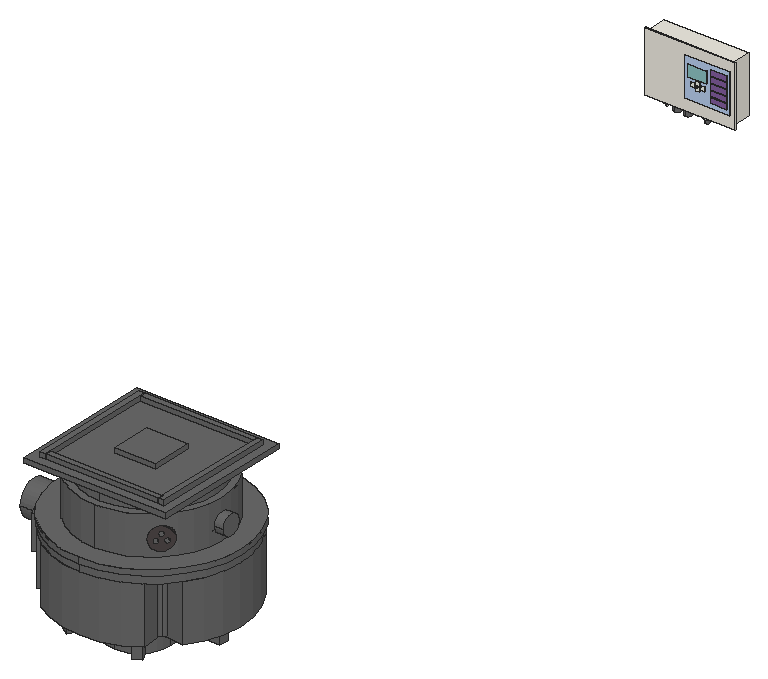
Revit family "28704s", category Generic Models, Revit 2021
Family settings
  Can host rebar = No
  Round Connector Dimension = Use Diameter
  Part Type = Normal
  Work Plane-Based = No
  Always vertical = Yes
  Cut with Voids When Loaded = No
  Shared = Yes
  Room Calculation Point = No
Parameters (values of type "28704S")
  SUPPLIER = "KESSEL"
  SA700ID50 = "nein"
  SA700ID49 = "Protection Class I"
  SA700ID48 = "no"
  SA700ID47 = "no"
  SA700ID46 = "yes"
  SA700ID37 = 10000 mm
  SA700ID34 = 11.5
  SA700ID33 = 1.2 W
  SA700ID32 = 42.50 kg
  SA700ID31 = 1
  SA700ID30 = 2
  SA700ID29 = "RWDR"
  SA700ID21 = 1000
  SA700ID10 = "No"
  SA700ID08 = 230 V
  PROCUREWEBLINK = "https://p.caden.as/kessel/28704S"
  PROCURELINK = "p.caden.as/kessel/28704S"
  PROCUREDATALASTUPDATE = "2024-05-22T12:17:59.597909168+01:00"
  PRC_SPECIFICATIONLINK = "https://ausschreiben.de/catalog/kessel/catalogItem/2ff8a3fa-3ddf-492e-b3ae-5d3411241813"
  NN = "Lifting station Aqualift F Compact Art.-Nr. 28701S, Art.-Nr. 28704S"
  NBSYN = "$SA810ID03."
  NB = "28704S"
  Model = "28704S"
  Manufacturer = "KESSEL"
  MIdent = "{$CADENAS_DATA/23d-libs/kessel/kessel_vdi_import/4/entwaesserung/hebeanlage20aqualift20f20compact_.prj},240 {STYP=ASS},{VTYP=3D},{NB=28704S},{LINA=28704S},{NN=Lifting station Aqualift F Compact Art.-Nr. 28701S, Art.-Nr. 28704S},{DATE=21.11.2022 10:46:02},{GEOMDATE=21.11.2022 10:37:44},{VERSION=},{LINEID=30},{WBVAR=LODLEVEL},{WBNUMERIC=LODLEVEL}  {NB=28704S},{LINA=28704S},{KT=DUMMY},{PREVIEW=../../bilder/ksb_w_28704s.png},{SA700ID04=Hebeanlage Aqualift F Compact, Duo, SPZ 1000-S3, Bodenplatte, schwarz},{SA810ID06=04026092073070},{SA700ID34=11.50},{SA010ID03=201805},{SA810ID03=28704S},{SA810ID10=KESSEL-Abwasserstation Aqualift F compactDoppelhebeanlage für fäkalienhaltiges und fäkalienfreies Abwasser zumEinbau in die Bodenplatte. Aus Kunststoff, mit teleskopischemAufsatzstück für stufenlosen Höhen- und Niveauausgleich und integriertemBodenablauf mit Geruchsverschluss. Dichtungsflansch fürFeuchtigkeitsabdichtung, einem seitlichen Zulauf DN 100,Anschlussbohrung mit Dichtung DN 50 für Kabelleerrohr und DN 70 fürEntlüftungsleitung.Zwei Fäkalienpumpen mit Schneideinrichtung gemäß DIN EN 12050, mitDrucksensor, optischer Alarmsonde und integrierter Rückschlagklappesowie Einhandschnellverschlüssen zur werkzeugfreien Wartung.Mit Comfort Schaltgerät zur Wandmontage in trockenen, frostgeschütztenRäumen, spritzwassergeschützt, vollautomatischer Pumpenansteuerung mitoptischer und akustischer Alarmmeldung, detaillierte Betriebs- undStörungsanzeige im mehrzeiligem Display.  Potentialfreier Kontakt zurWeiterleitungeiner Sammelstör bzw.-alarmmeldung nachrüstbar.Einbauart: Einbau in die BodenplatteEinbautiefe: 460 mm bis 640 mmAbdeckplatte:  400 x 400 mm schwarzBauaufsichtliche Zulassung Z 53.2-484},{SA700ID37=10.00},{SA700ID33=1.20},{SA700ID08=230},{SA700ID30=2},{SA700ID32=42.50},{SA700ID49=Schutzklasse I},{SA700ID50=nein},{SA200ID03=6},{SA250ID03=vertikal},{SA260ID03=Trockenläuferpumpe},{SA350ID03=normalansaugend},{SA400ID03=E-Motor für Wechselstrom},{SA460ID03=direkt},{SA500ID03=Kunststoff, Edelstahl},{SA700ID06=32},{SA700ID07=100},{SA700ID09=1/N/PE 230V},{SA700ID10=Nein},{SA700ID11=50},{SA700ID12=IP 68},{SA700ID13=F},{SA700ID15=35},{SA700ID21=1000.00},{SA700ID22=0.69},{SA700ID23=2800},{SA700ID24=2800},{SA700ID26=5.20},{SA700ID27=14.90},{SA700ID28=durchgehend},{SA700ID29=RWDR},{SA700ID31=1},{SA700ID46=ja},{SA700ID47=nein},{SA700ID48=nein},{SA110ID04=Hebeanlage Aqualift F Compact},{SA300ID03=einstufig},{SA700ID44=10.00},{SA700ID45=10.00},{SA010ID04=KESSEL AG},{LODLEVEL=200},{LINK=https://www.kessel.de/info?han=28704S},{SA970ID01=970},{SA970ID02=7265},{SA970ID03=28704S},{SA970ID04=11002617},{SA970ID05=QUAD},{SA970ID06=-380.0100098},{SA970ID07=-295},{SA970ID08=-207},{SA970ID09=1},{SA970ID10=0},{SA970ID11=0},{SA970ID12=0},{SA970ID13=1},{SA970ID14=0},{SA970ID15=675},{SA970ID16=589.98999},{SA970ID17=490},{LODLEVEL_=200,'Low'},{LODLEVEL_DEU=200,'Low'},{LINK_=https://www.kessel.de/info?han=28704S},{LINK_DEU=https://www.kessel.de/info?han=28704S},{LODLEVEL_3DB=28704S_200},{DNIN1=100},{DNOUT1=32},{DNOUT2=50},{ISD1=80},{ISD2=38},{ISD3=MIN},{SA010ID01=010},{SA010ID02=4},{SA010ID06=www.kessel.de},{SA010ID07=www.kessel.de},{SA010ID12=20180713},{SA010ID13=DEU},{SA010ID14=DE},{SA100ID01=100},{SA100ID02=4},{SA100ID04=Entwässerung},{SA110ID01=110},{SA110ID02=5},{SA200ID01=200},{SA200ID02=6},{SA250ID01=250},{SA250ID02=2},{SA260ID01=260},{SA260ID02=2},{SA300ID01=300},{SA300ID02=1},{SA350ID01=350},{SA350ID02=1},{SA400ID01=400},{SA400ID02=1},{SA460ID01=460},{SA460ID02=1},{SA500ID01=500},{SA500ID02=1},{SA700ID01=700},{SA700ID02=34},{SA700ID10_=0},{SA700ID16=0},{SA700ID25=0},{SA700ID46_=1},{SA700ID47_=0},{SA700ID48_=0},{SA700ID49_=1},{SA700ID50_=0},{SA800ID01=800},{SA800ID02=4},{SA810ID01=810},{SA810ID02=34},{SA810ID04=28704S},{SA810ID07=34},{SA810ID09=1},{SA810ID14=PCE},{SA810ID15=1},{SA810ID16=NMP},{SA960ID03=34},{SA960ID04=3L},{SA960ID08=https://www.kessel.de/info?han=28704S},{SA010ID08=4026092000007},{SA100ID05=Hebeanlage},{SA110ID06=Hebeanlage}"
  LINK = "https://www.kessel.de/info?han=28704S"
  LINA = "28704S"
  Default Elevation = 0 mm
  CREATOR = "CADENAS GmbH"
  CATALOG = "KESSEL"
  BOMINFO = "LINA"
  ARTICLENO = "NB"
  4.810.00.9 Order quantity (multiplicator) = "1"
  4.810.00.7 Media- connection number = "34"
  4.810.00.6 GTIN number = "04026092073070"
  4.810.00.4 DATANORM number = "28704S"
  4.810.00.3 Producer order number = "28704S"
  4.710.03.7 Mass (net) = 42.50 kg
  4.710.03.5 Width = 590 mm
  4.710.03.4 Length = 670 mm
  4.710.03.3 Type of dimensions = "2"
  4.710.02.8 Area of application of wastewater pump = "1"
  4.710.02.7 Art des S2/S3-Betriebs = "50 %"
  4.710.02.6 Duty type = "S3"
  4.710.02.5 Cutting device = "1"
  4.710.02.4 Attached pump control = "1"
  4.710.01.5 Load regulation = "1"
  4.710.01.4 Designation of closed-loop control = "20"
  4.710.01.3 Identifier for closed-loop control = "40"
  4.700.00.9 Voltage = 0
  4.700.00.8 Nominal connection size on suction side = "100"
  4.700.00.7 Nominal connection size on pressure side = "100"
  4.700.00.6 Type of connection = "32"
  4.700.00.4 Product indentification = "Hebeanlage Aqualift F Compact, Duo, SPZ 1000-S3, Bodenplatte, schwarz"
  4.700.00.28 Motor pump shaft = "durchgehend"
  4.700.00.27 Starting current = 14.9
  4.700.00.26 Maximum power consumption per pump / drive = 5.2
  4.700.00.25 Minimum speed at internal speed adjustment = 0
  4.700.00.24 Nominal speed / maximum speed n = 46.6667
  4.700.00.23 Nominal speed of motor = 46.6667
  4.700.00.22 Maximum shaft output (P2) per pump/drive = 0.69 W
  4.700.00.16 Maximum temperature of pumped medium = 0 °C
  4.700.00.15 Increased safety class = "35 °C"
  4.700.00.13 Type of protection = "F"
  4.700.00.12 Frequency = 0
  4.700.00.11 Stern-/Dreieck-Anlaufschaltung bei Dreiphasenanschluss oder Drehstrom = "50 Hz"
  4.700.00.10 Phase = "0"
  4.500.00.3 Variant / Variant type / Accessories-name = "Kunststoff, Edelstahl"
  4.460.00.3 Variant / Variant type / Accessories-name = "direkt"
  4.400.00.3 Variant / Variant type / Accessories-name = "E-Motor für Wechselstrom"
  4.350.00.3 Variant / Variant type / Accessories-name = "normalansaugend"
  4.300.00.3 Variant / Variant type / Accessories-name = "einstufig"
  4.260.00.3 Variant / Variant type / Accessories-name = "Trockenläuferpumpe"
  4.250.00.3 Variant / Variant type / Accessories-name = "vertikal"
  4.200.00.3 Variant / Variant type / Accessories-name = "6"
  4.110.00.6 Product classification = "Hebeanlage"
  4.110.00.4 Product indentification = "Hebeanlage Aqualift F Compact"
  4.100.00.5 Main groups of wares = "Hebeanlage"
  4.100.00.4 Product indentification = "Entwässerung"
  4.010.00.8 Producer ID number = "4026092000007"
  4.010.00.7 Comment = "www.kessel.de"
  4.010.00.6 Web address of the manufacturer = "www.kessel.de"
  4.010.00.4 Manufacturer name = "KESSEL AG"
  4.010.00.3 Date of issuance (month) of guideline = "201805"
  4.010.00.2 Sheet number of the guideline = "4"
  4.010.00.14 Kennungen der Projektländer, für die die Datei gültig ist = "DE"
  4.010.00.13 Sprache der Datei = "DEU"
  4.010.00.12 Stand des Herstellerkatalogs = "20180713"
Reference planes
  plane 1 "Center (Front/Back)": y = 0
  plane 2: z = 0
  plane 3 "Center (Left/Right)": x = 0
Dimensions and locks
  aligned and locked: level to plane 2
Nested families
  nested 1: "28704s_content" at (0, 0, 0), type "28704S_Content"
  nested 2: "28704s_part1_X0Y0" at (1000, 1000, 1200), type "28704S_PART1_X0Y0"
  nested 3: "28704s_part2_X0Y0" at (0, 0, 0), type "28704S_PART2_X0Y0"
Connectors
  electrical at (896, 972.5, 1160.5)
    settings: on nested 2, index 1, voltage 230 V, apparent load 0 VA, apparent load phase1 0 VA, apparent load phase2 0 VA, apparent load phase3 0 VA, power factor 1, load classification "Other", number of poles 3, system type 31, power factor state 1, is connector primary yes, connector utility no, sub classification motor no, connector description ""
  electrical at (930, 972.5, 1157.9)
    settings: on nested 2, index 2, voltage 0 V, apparent load 0 VA, apparent load phase1 0 VA, apparent load phase2 0 VA, apparent load phase3 0 VA, power factor 1, load classification "Other", number of poles 1, system type 31, power factor state 1, is connector primary no, connector utility no, sub classification motor no, connector description ""
  electrical at (964, 972.5, 1157.9)
    settings: on nested 2, index 3, voltage 0 V, apparent load 0 VA, apparent load phase1 0 VA, apparent load phase2 0 VA, apparent load phase3 0 VA, power factor 1, load classification "Other", number of poles 1, system type 31, power factor state 1, is connector primary no, connector utility no, sub classification motor no, connector description ""
  electrical at (1002, 972.5, 1170.2)
    settings: on nested 2, index 4, voltage 0 V, apparent load 0 VA, apparent load phase1 0 VA, apparent load phase2 0 VA, apparent load phase3 0 VA, power factor 1, load classification "Other", number of poles 1, system type 31, power factor state 1, is connector primary no, connector utility no, sub classification motor no, connector description ""
  electrical at (1026, 972.5, 1155.55)
    settings: on nested 2, index 5, voltage 0 V, apparent load 0 VA, apparent load phase1 0 VA, apparent load phase2 0 VA, apparent load phase3 0 VA, power factor 1, load classification "Other", number of poles 1, system type 31, power factor state 1, is connector primary no, connector utility no, sub classification motor no, connector description ""
  electrical at (1054, 972.5, 1198.5)
    settings: on nested 2, index 6, voltage 0 V, apparent load 0 VA, apparent load phase1 0 VA, apparent load phase2 0 VA, apparent load phase3 0 VA, power factor 1, load classification "Other", number of poles 1, system type 31, power factor state 1, is connector primary no, connector utility no, sub classification motor no, connector description ""
  electrical at (1082, 972.5, 1198.5)
    settings: on nested 2, index 7, voltage 0 V, apparent load 0 VA, apparent load phase1 0 VA, apparent load phase2 0 VA, apparent load phase3 0 VA, power factor 1, load classification "Other", number of poles 1, system type 31, power factor state 1, is connector primary no, connector utility no, sub classification motor no, connector description ""
  piping at (-380, 0, 0), diameter 100
    settings: on nested 3, index 8, connector inside diameter 609.6 mm, connector length 0 mm, flow factor 0, pipe flow 0.0 L/s, pressure drop 0.0 Pa, fitting loss kfactor 0, connector angle 0.00°, fixture units 0, engagement length 0 mm, angle of deflection 0.00°, flow configuration 0, flow direction 1, fitting loss method 2, system type 29, joint type 0, gender type 0, connector reference index -1, connector utility 0, adjustable connector no, is connector primary yes, connector description ""
  piping at (-281.018, 118.476, 15.5), diameter 32
    settings: on nested 3, index 9, connector inside diameter 609.6 mm, connector length 0 mm, flow factor 0, pipe flow 0.0 L/s, pressure drop 0.0 Pa, fitting loss kfactor 0, connector angle 0.00°, fixture units 0, engagement length 0 mm, angle of deflection 0.00°, flow configuration 0, flow direction 2, fitting loss method 2, system type 29, joint type 0, gender type 0, connector reference index -1, connector utility 0, adjustable connector no, is connector primary no, connector description ""
  piping at (259.1, 0, 144), diameter 50
    settings: on nested 3, index 10, connector inside diameter 609.6 mm, connector length 0 mm, flow factor 0, pipe flow 0.0 L/s, pressure drop 0.0 Pa, fitting loss kfactor 0, connector angle 0.00°, fixture units 0, engagement length 0 mm, angle of deflection 0.00°, flow configuration 0, flow direction 2, fitting loss method 2, system type 29, joint type 0, gender type 0, connector reference index -1, connector utility 0, adjustable connector no, is connector primary no, connector description ""
  electrical at (167.231, -167.231, 159)
    settings: on nested 3, index 11, voltage 0 V, apparent load 0 VA, apparent load phase1 0 VA, apparent load phase2 0 VA, apparent load phase3 0 VA, power factor 1, load classification "Other", number of poles 1, system type 31, power factor state 1, is connector primary no, connector utility no, sub classification motor no, connector description ""
  electrical at (177.837, -156.624, 139)
    settings: on nested 3, index 12, voltage 0 V, apparent load 0 VA, apparent load phase1 0 VA, apparent load phase2 0 VA, apparent load phase3 0 VA, power factor 1, load classification "Other", number of poles 1, system type 31, power factor state 1, is connector primary no, connector utility no, sub classification motor no, connector description ""
  electrical at (156.624, -177.837, 139)
    settings: on nested 3, index 13, voltage 0 V, apparent load 0 VA, apparent load phase1 0 VA, apparent load phase2 0 VA, apparent load phase3 0 VA, power factor 1, load classification "Other", number of poles 1, system type 31, power factor state 1, is connector primary no, connector utility no, sub classification motor no, connector description ""
Definition of nested family "28704s_part1_X0Y0"
  Parameters (values of type "28704S_PART1_X0Y0")
    SUPPLIER = "KESSEL"
    SA700ID50 = "nein"
    SA700ID49 = "Protection Class I"
    SA700ID48 = "no"
    SA700ID47 = "no"
    SA700ID46 = "yes"
    SA700ID37 = 10000 mm
    SA700ID34 = 11.5
    SA700ID33 = 1.2 W
    SA700ID32 = 42.50 kg
    SA700ID31 = 1
    SA700ID30 = 2
    SA700ID29 = "RWDR"
    SA700ID21 = 1000
    SA700ID10 = "No"
    SA700ID08 = 230 V
    NBSYN = "$SA810ID03._PART1"
    NB = "28704S_PART1"
    Model = "28704S_PART1"
    Manufacturer = "KESSEL"
    MIdent = "{$CADENAS_DATA/23d-libs/kessel/kessel_vdi_import/4/entwaesserung/hebeanlage20aqualift20f20compact_.prj},260 {VTYP=3D},{NB=28704S_PART1},{LINA=28704S_PART1},{NN=Lifting station Aqualift F Compact Art.-Nr. 28701S, Art.-Nr. 28704S_PART1},{NOPRJ=TRUE},{DATE=21.11.2022 10:46:02},{GEOMDATE=21.11.2022 10:37:44},{VERSION=},{LINEID=30},{WBVAR=LODLEVEL},{WBNUMERIC=LODLEVEL}  {NB=28704S_PART1},{LINA=28704S_PART1},{KT=DUMMY},{PREVIEW=../../bilder/ksb_w_28704s.png},{SA700ID04=Hebeanlage Aqualift F Compact, Duo, SPZ 1000-S3, Bodenplatte, schwarz},{SA810ID06=04026092073070},{SA700ID34=11.50},{SA010ID03=201805},{SA810ID03=28704S},{SA810ID10=KESSEL-Abwasserstation Aqualift F compactDoppelhebeanlage für fäkalienhaltiges und fäkalienfreies Abwasser zumEinbau in die Bodenplatte. Aus Kunststoff, mit teleskopischemAufsatzstück für stufenlosen Höhen- und Niveauausgleich und integriertemBodenablauf mit Geruchsverschluss. Dichtungsflansch fürFeuchtigkeitsabdichtung, einem seitlichen Zulauf DN 100,Anschlussbohrung mit Dichtung DN 50 für Kabelleerrohr und DN 70 fürEntlüftungsleitung.Zwei Fäkalienpumpen mit Schneideinrichtung gemäß DIN EN 12050, mitDrucksensor, optischer Alarmsonde und integrierter Rückschlagklappesowie Einhandschnellverschlüssen zur werkzeugfreien Wartung.Mit Comfort Schaltgerät zur Wandmontage in trockenen, frostgeschütztenRäumen, spritzwassergeschützt, vollautomatischer Pumpenansteuerung mitoptischer und akustischer Alarmmeldung, detaillierte Betriebs- undStörungsanzeige im mehrzeiligem Display.  Potentialfreier Kontakt zurWeiterleitungeiner Sammelstör bzw.-alarmmeldung nachrüstbar.Einbauart: Einbau in die BodenplatteEinbautiefe: 460 mm bis 640 mmAbdeckplatte:  400 x 400 mm schwarzBauaufsichtliche Zulassung Z 53.2-484},{SA700ID37=10.00},{SA700ID33=1.20},{SA700ID08=230},{SA700ID30=2},{SA700ID32=42.50},{SA700ID49=Schutzklasse I},{SA700ID50=nein},{SA200ID03=6},{SA250ID03=vertikal},{SA260ID03=Trockenläuferpumpe},{SA350ID03=normalansaugend},{SA400ID03=E-Motor für Wechselstrom},{SA460ID03=direkt},{SA500ID03=Kunststoff, Edelstahl},{SA700ID06=32},{SA700ID07=100},{SA700ID09=1/N/PE 230V},{SA700ID10=Nein},{SA700ID11=50},{SA700ID12=IP 68},{SA700ID13=F},{SA700ID15=35},{SA700ID21=1000.00},{SA700ID22=0.69},{SA700ID23=2800},{SA700ID24=2800},{SA700ID26=5.20},{SA700ID27=14.90},{SA700ID28=durchgehend},{SA700ID29=RWDR},{SA700ID31=1},{SA700ID46=ja},{SA700ID47=nein},{SA700ID48=nein},{SA110ID04=Hebeanlage Aqualift F Compact},{SA300ID03=einstufig},{SA700ID44=10.00},{SA700ID45=10.00},{SA010ID04=KESSEL AG},{LODLEVEL=200},{LINK=https://www.kessel.de/info?han=28704S},{SA970ID01=970},{SA970ID02=7265},{SA970ID03=28704S},{SA970ID04=11002617},{SA970ID05=QUAD},{SA970ID06=-380.0100098},{SA970ID07=-295},{SA970ID08=-207},{SA970ID09=1},{SA970ID10=0},{SA970ID11=0},{SA970ID12=0},{SA970ID13=1},{SA970ID14=0},{SA970ID15=675},{SA970ID16=589.98999},{SA970ID17=490},{LODLEVEL_=200,'Low'},{LODLEVEL_DEU=200,'Low'},{LINK_=https://www.kessel.de/info?han=28704S},{LINK_DEU=https://www.kessel.de/info?han=28704S},{LODLEVEL_3DB=28704S_200},{DNIN1=100},{DNOUT1=32},{DNOUT2=50},{ISD1=80},{ISD2=38},{ISD3=MIN},{SA010ID01=010},{SA010ID02=4},{SA010ID06=www.kessel.de},{SA010ID07=www.kessel.de},{SA010ID12=20180713},{SA010ID13=DEU},{SA010ID14=DE},{SA100ID01=100},{SA100ID02=4},{SA100ID04=Entwässerung},{SA110ID01=110},{SA110ID02=5},{SA200ID01=200},{SA200ID02=6},{SA250ID01=250},{SA250ID02=2},{SA260ID01=260},{SA260ID02=2},{SA300ID01=300},{SA300ID02=1},{SA350ID01=350},{SA350ID02=1},{SA400ID01=400},{SA400ID02=1},{SA460ID01=460},{SA460ID02=1},{SA500ID01=500},{SA500ID02=1},{SA700ID01=700},{SA700ID02=34},{SA700ID10_=0},{SA700ID16=0},{SA700ID25=0},{SA700ID46_=1},{SA700ID47_=0},{SA700ID48_=0},{SA700ID49_=1},{SA700ID50_=0},{SA800ID01=800},{SA800ID02=4},{SA810ID01=810},{SA810ID02=34},{SA810ID04=28704S},{SA810ID07=34},{SA810ID09=1},{SA810ID14=PCE},{SA810ID15=1},{SA810ID16=NMP},{SA960ID03=34},{SA960ID04=3L},{SA960ID08=https://www.kessel.de/info?han=28704S},{SA010ID08=4026092000007},{SA100ID05=Hebeanlage},{SA110ID06=Hebeanlage}"
    LINK = "https://www.kessel.de/info?han=28704S"
    LINA = "28704S_PART1"
    Default Elevation = 1219.2 mm
    CREATOR = "CADENAS GmbH"
    CATALOG = "KESSEL"
    BOMINFO = "LINA"
    ARTICLENO = "NB"
    4.810.00.9 Order quantity (multiplicator) = "1"
    4.810.00.7 Media- connection number = "34"
    4.810.00.6 GTIN number = "04026092073070"
    4.810.00.4 DATANORM number = "28704S"
    4.810.00.3 Producer order number = "28704S"
    4.710.03.7 Mass (net) = 42.50 kg
    4.710.03.5 Width = 590 mm
    4.710.03.4 Length = 670 mm
    4.710.03.3 Type of dimensions = "2"
    4.710.02.8 Area of application of wastewater pump = "1"
    4.710.02.7 Art des S2/S3-Betriebs = "50 %"
    4.710.02.6 Duty type = "S3"
    4.710.02.5 Cutting device = "1"
    4.710.02.4 Attached pump control = "1"
    4.710.01.5 Load regulation = "1"
    4.710.01.4 Designation of closed-loop control = "20"
    4.710.01.3 Identifier for closed-loop control = "40"
    4.700.00.9 Voltage = 0
    4.700.00.8 Nominal connection size on suction side = "100"
    4.700.00.7 Nominal connection size on pressure side = "100"
    4.700.00.6 Type of connection = "32"
    4.700.00.4 Product indentification = "Hebeanlage Aqualift F Compact, Duo, SPZ 1000-S3, Bodenplatte, schwarz"
    4.700.00.28 Motor pump shaft = "durchgehend"
    4.700.00.27 Starting current = 14.9
    4.700.00.26 Maximum power consumption per pump / drive = 5.2
    4.700.00.25 Minimum speed at internal speed adjustment = 0
    4.700.00.24 Nominal speed / maximum speed n = 46.6667
    4.700.00.23 Nominal speed of motor = 46.6667
    4.700.00.22 Maximum shaft output (P2) per pump/drive = 0.69 W
    4.700.00.16 Maximum temperature of pumped medium = 0 °C
    4.700.00.15 Increased safety class = "35 °C"
    4.700.00.13 Type of protection = "F"
    4.700.00.12 Frequency = 0
    4.700.00.11 Stern-/Dreieck-Anlaufschaltung bei Dreiphasenanschluss oder Drehstrom = "50 Hz"
    4.700.00.10 Phase = "0"
    4.500.00.3 Variant / Variant type / Accessories-name = "Kunststoff, Edelstahl"
    4.460.00.3 Variant / Variant type / Accessories-name = "direkt"
    4.400.00.3 Variant / Variant type / Accessories-name = "E-Motor für Wechselstrom"
    4.350.00.3 Variant / Variant type / Accessories-name = "normalansaugend"
    4.300.00.3 Variant / Variant type / Accessories-name = "einstufig"
    4.260.00.3 Variant / Variant type / Accessories-name = "Trockenläuferpumpe"
    4.250.00.3 Variant / Variant type / Accessories-name = "vertikal"
    4.200.00.3 Variant / Variant type / Accessories-name = "6"
    4.110.00.6 Product classification = "Hebeanlage"
    4.110.00.4 Product indentification = "Hebeanlage Aqualift F Compact"
    4.100.00.5 Main groups of wares = "Hebeanlage"
    4.100.00.4 Product indentification = "Entwässerung"
    4.010.00.8 Producer ID number = "4026092000007"
    4.010.00.7 Comment = "www.kessel.de"
    4.010.00.6 Web address of the manufacturer = "www.kessel.de"
    4.010.00.4 Manufacturer name = "KESSEL AG"
    4.010.00.3 Date of issuance (month) of guideline = "201805"
    4.010.00.2 Sheet number of the guideline = "4"
    4.010.00.14 Kennungen der Projektländer, für die die Datei gültig ist = "DE"
    4.010.00.13 Sprache der Datei = "DEU"
    4.010.00.12 Stand des Herstellerkatalogs = "20180713"
  Reference planes
    plane 1 "Center (Front/Back)": y = 0
    plane 2: z = 0
    plane 3 "Center (Left/Right)": x = 0
  Dimensions and locks
    aligned and locked: level to plane 2
  Nested families
    nested 1: "28704s_part1_content" at (0, 0, 0), type "28704S_PART1_Content"
  Definition of nested family "28704s_part1_content"
    Parameters (values of type "28704S_PART1_Content")
      SUPPLIER = "KESSEL"
      SA700ID50 = "nein"
      SA700ID49 = "Protection Class I"
      SA700ID48 = "no"
      SA700ID47 = "no"
      SA700ID46 = "yes"
      SA700ID37 = 10000 mm
      SA700ID34 = 11.5
      SA700ID33 = 1.2 W
      SA700ID32 = 42.50 kg
      SA700ID31 = 1
      SA700ID30 = 2
      SA700ID29 = "RWDR"
      SA700ID21 = 1000
      SA700ID10 = "No"
      SA700ID08 = 230 V
      NBSYN = "$SA810ID03._PART1"
      NB = "28704S_PART1"
      Model = "28704S_PART1"
      Manufacturer = "KESSEL"
      LINK = "https://www.kessel.de/info?han=28704S"
      LINA = "28704S_PART1"
      Default Elevation = 1219.2 mm
      CREATOR = "CADENAS GmbH"
      CATALOG = "KESSEL"
      BOMINFO = "LINA"
      ARTICLENO = "NB"
      4.810.00.9 Order quantity (multiplicator) = "1"
      4.810.00.7 Media- connection number = "34"
      4.810.00.6 GTIN number = "04026092073070"
      4.810.00.4 DATANORM number = "28704S"
      4.810.00.3 Producer order number = "28704S"
      4.710.03.7 Mass (net) = 42.50 kg
      4.710.03.5 Width = 590 mm
      4.710.03.4 Length = 670 mm
      4.710.03.3 Type of dimensions = "2"
      4.710.02.8 Area of application of wastewater pump = "1"
      4.710.02.7 Art des S2/S3-Betriebs = "50 %"
      4.710.02.6 Duty type = "S3"
      4.710.02.5 Cutting device = "1"
      4.710.02.4 Attached pump control = "1"
      4.710.01.5 Load regulation = "1"
      4.710.01.4 Designation of closed-loop control = "20"
      4.710.01.3 Identifier for closed-loop control = "40"
      4.700.00.9 Voltage = 0
      4.700.00.8 Nominal connection size on suction side = "100"
      4.700.00.7 Nominal connection size on pressure side = "100"
      4.700.00.6 Type of connection = "32"
      4.700.00.4 Product indentification = "Hebeanlage Aqualift F Compact, Duo, SPZ 1000-S3, Bodenplatte, schwarz"
      4.700.00.28 Motor pump shaft = "durchgehend"
      4.700.00.27 Starting current = 14.9
      4.700.00.26 Maximum power consumption per pump / drive = 5.2
      4.700.00.25 Minimum speed at internal speed adjustment = 0
      4.700.00.24 Nominal speed / maximum speed n = 46.6667
      4.700.00.23 Nominal speed of motor = 46.6667
      4.700.00.22 Maximum shaft output (P2) per pump/drive = 0.69 W
      4.700.00.16 Maximum temperature of pumped medium = 0 °C
      4.700.00.15 Increased safety class = "35 °C"
      4.700.00.13 Type of protection = "F"
      4.700.00.12 Frequency = 0
      4.700.00.11 Stern-/Dreieck-Anlaufschaltung bei Dreiphasenanschluss oder Drehstrom = "50 Hz"
      4.700.00.10 Phase = "0"
      4.500.00.3 Variant / Variant type / Accessories-name = "Kunststoff, Edelstahl"
      4.460.00.3 Variant / Variant type / Accessories-name = "direkt"
      4.400.00.3 Variant / Variant type / Accessories-name = "E-Motor für Wechselstrom"
      4.350.00.3 Variant / Variant type / Accessories-name = "normalansaugend"
      4.300.00.3 Variant / Variant type / Accessories-name = "einstufig"
      4.260.00.3 Variant / Variant type / Accessories-name = "Trockenläuferpumpe"
      4.250.00.3 Variant / Variant type / Accessories-name = "vertikal"
      4.200.00.3 Variant / Variant type / Accessories-name = "6"
      4.110.00.6 Product classification = "Hebeanlage"
      4.110.00.4 Product indentification = "Hebeanlage Aqualift F Compact"
      4.100.00.5 Main groups of wares = "Hebeanlage"
      4.100.00.4 Product indentification = "Entwässerung"
      4.010.00.8 Producer ID number = "4026092000007"
      4.010.00.7 Comment = "www.kessel.de"
      4.010.00.6 Web address of the manufacturer = "www.kessel.de"
      4.010.00.4 Manufacturer name = "KESSEL AG"
      4.010.00.3 Date of issuance (month) of guideline = "201805"
      4.010.00.2 Sheet number of the guideline = "4"
      4.010.00.14 Kennungen der Projektländer, für die die Datei gültig ist = "DE"
      4.010.00.13 Sprache der Datei = "DEU"
      4.010.00.12 Stand des Herstellerkatalogs = "20180713"
    Reference planes
      plane 1 "Center (Front/Back)": y = 0
      plane 2: z = 0
      plane 3 "Center (Left/Right)": x = 0
    Forms (mm)
      Extrusion 1, solid, detail levels medium+fine
        sketch origin (49.8, -68, 72.1) x (0, -1, 0) y (0, 0, 1)
          loop
            line (-0.5, 12) -> (-0.5, 0) -> (1, 0) -> (1, 12) -> (-0.5, 12)
        from 0 to 12
      Extrusion 2, solid, detail levels medium+fine
        sketch origin (129.3, -67, 28.2) x (0, -1, 0) y (0, 0, 1)
          loop
            line (-0.5, 127) -> (-0.5, 0) -> (1, 0) -> (1, 127) -> (-0.5, 127)
        from 0 to 146
      Extrusion 3, solid, detail levels medium+fine
        sketch origin (33.3, -68, 80.45) x (0, -1, 0) y (0, 0, 1)
          loop
            line (-0.5, 12) -> (-0.5, 0) -> (1, 0) -> (1, 12) -> (-0.5, 12)
        from 0 to 12
      Extrusion 4, solid, detail levels medium+fine
        sketch origin (33.3, -68, 63.95) x (0, -1, 0) y (0, 0, 1)
          loop
            line (-0.5, 12) -> (-0.5, 0) -> (1, 0) -> (1, 12) -> (-0.5, 12)
        from 0 to 12
      Extrusion 5, solid, detail levels medium+fine
        sketch origin (56.3, -68, 95.45) x (0, -1, 0) y (0, 0, 1)
          loop
            line (-0.5, 37) -> (-0.5, 0) -> (1, 0) -> (1, 37) -> (-0.5, 37)
        from 0 to 60
      Extrusion 6, solid, detail levels medium+fine
        sketch origin (121.8, -68, 85.7) x (0, -1, 0) y (0, 0, 1)
          loop
            line (0, 16) -> (0, 0) -> (2, 0) -> (2, 16) -> (0, 16)
        from 0 to 51
      Extrusion 7, solid, detail levels medium+fine
        sketch origin (121.8, -68, 65.7) x (0, -1, 0) y (0, 0, 1)
          loop
            line (0, 16) -> (0, 0) -> (2, 0) -> (2, 16) -> (0, 16)
        from 0 to 51
      Extrusion 8, solid, detail levels medium+fine
        sketch origin (121.8, -68, 105.7) x (0, -1, 0) y (0, 0, 1)
          loop
            line (0, 16) -> (0, 0) -> (2, 0) -> (2, 16) -> (0, 16)
        from 0 to 51
      Extrusion 9, solid, detail levels medium+fine
        sketch origin (16.8, -68, 72.2) x (0, -1, 0) y (0, 0, 1)
          loop
            line (-0.5, 12) -> (-0.5, 0) -> (1, 0) -> (1, 12) -> (-0.5, 12)
        from 0 to 12
      Extrusion 10, solid, detail levels medium+fine
        sketch origin (121.8, -68, 45.7) x (0, -1, 0) y (0, 0, 1)
          loop
            line (0, 16) -> (0, 0) -> (2, 0) -> (2, 16) -> (0, 16)
        from 0 to 51
      Extrusion 11, solid, detail levels medium+fine
        sketch origin (147, -63.5, -7) x (0, -1, 0) y (0, 0, 1)
          loop
            line (0, 194) -> (0, 0) -> (3.5, 0) -> (3.5, 194) -> (0, 194)
        from 0 to 294
      Extrusion 12, solid, detail levels medium+fine
        sketch origin (136.25, 0, 0) x (0, -1, 0) y (0, 0, 1)
          loop
            line (0, 184) -> (0, 0) -> (63.5, 0) -> (63.5, 184) -> (0, 184)
        from 0 to 272.5
      Extrusion 13, solid, detail levels medium+fine
        sketch origin (121.75, -68, 125.75) x (0, -1, 0) y (0, 0, 1)
          loop
            line (0, 16) -> (0, 0) -> (2, 0) -> (2, 16) -> (0, 16)
        from 0 to 51
      Extrusion 14, solid, detail levels medium+fine
        sketch origin (26, -27.5, 0) x (1, 0, 0) y (0, -1, 0)
          loop
            circle (0, 0) r 11
        from 0 to 11
      Extrusion 15, solid, detail levels medium+fine
        sketch origin (26, -27.5, -11) x (1, 0, 0) y (0, -1, 0)
          loop
            circle (0, 0) r 11
        from 0 to 19.8
      Extrusion 16, solid, detail levels medium+fine
        sketch origin (26, -27.5, -30.7) x (1, 0, 0) y (0, -1, 0)
          loop
            circle (0, 0) r 6
        from 0 to 13.75
      Extrusion 17, solid, detail levels medium+fine
        sketch origin (2, -27.5, 0) x (1, 0, 0) y (0, -1, 0)
          loop
            circle (0, 0) r 11
        from 0 to 20
      Extrusion 18, solid, detail levels medium+fine
        sketch origin (2, -27.5, -20) x (1, 0, 0) y (0, -1, 0)
          loop
            circle (0, 0) r 8.65
        from 0 to 9.8
      Extrusion 19, solid, detail levels medium+fine
        sketch origin (-36, -27.5, 0) x (1, 0, 0) y (0, -1, 0)
          loop
            circle (0, 0) r 12
        from 0 to 15
      Extrusion 20, solid, detail levels medium+fine
        sketch origin (-36, -27.5, -15) x (1, 0, 0) y (0, -1, 0)
          loop
            circle (0, 0) r 11.75
        from 0 to 27.1
      Extrusion 21, solid, detail levels medium+fine
        sketch origin (54, -27.5, 0) x (1, 0, 0) y (0, -1, 0)
          loop
            circle (0, 0) r 10
        from 0 to 1.5
      Extrusion 22, solid, detail levels medium+fine
        sketch origin (-70, -27.5, 0) x (1, 0, 0) y (0, -1, 0)
          loop
            circle (0, 0) r 12
        from 0 to 15
      Extrusion 23, solid, detail levels medium+fine
        sketch origin (-70, -27.5, -15) x (1, 0, 0) y (0, -1, 0)
          loop
            circle (0, 0) r 11.75
        from 0 to 27.1
      Extrusion 24, solid, detail levels medium+fine
        sketch origin (82, -27.5, 0) x (1, 0, 0) y (0, -1, 0)
          loop
            circle (0, 0) r 10
        from 0 to 1.5
      Extrusion 25, solid, detail levels medium+fine
        sketch origin (-104, -27.5, 0) x (1, 0, 0) y (0, -1, 0)
          loop
            circle (0, 0) r 10
        from 0 to 9
      Extrusion 26, solid, detail levels medium+fine
        sketch origin (-104, -27.5, -9) x (1, 0, 0) y (0, -1, 0)
          loop
            circle (0, 0) r 11
        from 0 to 20.5
      Extrusion 27, solid, detail levels medium+fine
        sketch origin (-104, -27.5, -29.5) x (1, 0, 0) y (0, -1, 0)
          loop
            circle (0, 0) r 3
        from 0 to 10
      Extrusion 28, solid, detail levels medium+fine
        sketch origin (110, -27.5, 0) x (1, 0, 0) y (0, -1, 0)
          loop
            circle (0, 0) r 13.5
        from 0 to 1.5
      Extrusion 29, solid, detail levels coarse
        sketch origin (0, -35, -44.45) x (1, 0, 0) y (0, 1, 0)
          loop
            line (-147, -35) -> (147, -35) -> (147, 35) -> (-147, 35) -> (-147, -35)
        from 0 to 231.45
    Dimensions and locks
      aligned and locked: level to plane 2
Definition of nested family "28704s_part2_X0Y0"
  Parameters (values of type "28704S_PART2_X0Y0")
    SUPPLIER = "KESSEL"
    SA700ID50 = "nein"
    SA700ID49 = "Protection Class I"
    SA700ID48 = "no"
    SA700ID47 = "no"
    SA700ID46 = "yes"
    SA700ID37 = 10000 mm
    SA700ID34 = 11.5
    SA700ID33 = 1.2 W
    SA700ID32 = 42.50 kg
    SA700ID31 = 1
    SA700ID30 = 2
    SA700ID29 = "RWDR"
    SA700ID21 = 1000
    SA700ID10 = "No"
    SA700ID08 = 230 V
    NBSYN = "$SA810ID03._PART2"
    NB = "28704S_PART2"
    Model = "28704S_PART2"
    Manufacturer = "KESSEL"
    MIdent = "{$CADENAS_DATA/23d-libs/kessel/kessel_vdi_import/4/entwaesserung/hebeanlage20aqualift20f20compact_.prj},260 {VTYP=3D},{NB=28704S_PART2},{LINA=28704S_PART2},{NN=Lifting station Aqualift F Compact Art.-Nr. 28701S, Art.-Nr. 28704S_PART2},{NOPRJ=TRUE},{DATE=21.11.2022 10:46:02},{GEOMDATE=21.11.2022 10:37:44},{VERSION=},{LINEID=30},{WBVAR=LODLEVEL},{WBNUMERIC=LODLEVEL}  {NB=28704S_PART2},{LINA=28704S_PART2},{KT=DUMMY},{PREVIEW=../../bilder/ksb_w_28704s.png},{SA700ID04=Hebeanlage Aqualift F Compact, Duo, SPZ 1000-S3, Bodenplatte, schwarz},{SA810ID06=04026092073070},{SA700ID34=11.50},{SA010ID03=201805},{SA810ID03=28704S},{SA810ID10=KESSEL-Abwasserstation Aqualift F compactDoppelhebeanlage für fäkalienhaltiges und fäkalienfreies Abwasser zumEinbau in die Bodenplatte. Aus Kunststoff, mit teleskopischemAufsatzstück für stufenlosen Höhen- und Niveauausgleich und integriertemBodenablauf mit Geruchsverschluss. Dichtungsflansch fürFeuchtigkeitsabdichtung, einem seitlichen Zulauf DN 100,Anschlussbohrung mit Dichtung DN 50 für Kabelleerrohr und DN 70 fürEntlüftungsleitung.Zwei Fäkalienpumpen mit Schneideinrichtung gemäß DIN EN 12050, mitDrucksensor, optischer Alarmsonde und integrierter Rückschlagklappesowie Einhandschnellverschlüssen zur werkzeugfreien Wartung.Mit Comfort Schaltgerät zur Wandmontage in trockenen, frostgeschütztenRäumen, spritzwassergeschützt, vollautomatischer Pumpenansteuerung mitoptischer und akustischer Alarmmeldung, detaillierte Betriebs- undStörungsanzeige im mehrzeiligem Display.  Potentialfreier Kontakt zurWeiterleitungeiner Sammelstör bzw.-alarmmeldung nachrüstbar.Einbauart: Einbau in die BodenplatteEinbautiefe: 460 mm bis 640 mmAbdeckplatte:  400 x 400 mm schwarzBauaufsichtliche Zulassung Z 53.2-484},{SA700ID37=10.00},{SA700ID33=1.20},{SA700ID08=230},{SA700ID30=2},{SA700ID32=42.50},{SA700ID49=Schutzklasse I},{SA700ID50=nein},{SA200ID03=6},{SA250ID03=vertikal},{SA260ID03=Trockenläuferpumpe},{SA350ID03=normalansaugend},{SA400ID03=E-Motor für Wechselstrom},{SA460ID03=direkt},{SA500ID03=Kunststoff, Edelstahl},{SA700ID06=32},{SA700ID07=100},{SA700ID09=1/N/PE 230V},{SA700ID10=Nein},{SA700ID11=50},{SA700ID12=IP 68},{SA700ID13=F},{SA700ID15=35},{SA700ID21=1000.00},{SA700ID22=0.69},{SA700ID23=2800},{SA700ID24=2800},{SA700ID26=5.20},{SA700ID27=14.90},{SA700ID28=durchgehend},{SA700ID29=RWDR},{SA700ID31=1},{SA700ID46=ja},{SA700ID47=nein},{SA700ID48=nein},{SA110ID04=Hebeanlage Aqualift F Compact},{SA300ID03=einstufig},{SA700ID44=10.00},{SA700ID45=10.00},{SA010ID04=KESSEL AG},{LODLEVEL=200},{LINK=https://www.kessel.de/info?han=28704S},{SA970ID01=970},{SA970ID02=7265},{SA970ID03=28704S},{SA970ID04=11002617},{SA970ID05=QUAD},{SA970ID06=-380.0100098},{SA970ID07=-295},{SA970ID08=-207},{SA970ID09=1},{SA970ID10=0},{SA970ID11=0},{SA970ID12=0},{SA970ID13=1},{SA970ID14=0},{SA970ID15=675},{SA970ID16=589.98999},{SA970ID17=490},{LODLEVEL_=200,'Low'},{LODLEVEL_DEU=200,'Low'},{LINK_=https://www.kessel.de/info?han=28704S},{LINK_DEU=https://www.kessel.de/info?han=28704S},{LODLEVEL_3DB=28704S_200},{DNIN1=100},{DNOUT1=32},{DNOUT2=50},{ISD1=80},{ISD2=38},{ISD3=MIN},{SA010ID01=010},{SA010ID02=4},{SA010ID06=www.kessel.de},{SA010ID07=www.kessel.de},{SA010ID12=20180713},{SA010ID13=DEU},{SA010ID14=DE},{SA100ID01=100},{SA100ID02=4},{SA100ID04=Entwässerung},{SA110ID01=110},{SA110ID02=5},{SA200ID01=200},{SA200ID02=6},{SA250ID01=250},{SA250ID02=2},{SA260ID01=260},{SA260ID02=2},{SA300ID01=300},{SA300ID02=1},{SA350ID01=350},{SA350ID02=1},{SA400ID01=400},{SA400ID02=1},{SA460ID01=460},{SA460ID02=1},{SA500ID01=500},{SA500ID02=1},{SA700ID01=700},{SA700ID02=34},{SA700ID10_=0},{SA700ID16=0},{SA700ID25=0},{SA700ID46_=1},{SA700ID47_=0},{SA700ID48_=0},{SA700ID49_=1},{SA700ID50_=0},{SA800ID01=800},{SA800ID02=4},{SA810ID01=810},{SA810ID02=34},{SA810ID04=28704S},{SA810ID07=34},{SA810ID09=1},{SA810ID14=PCE},{SA810ID15=1},{SA810ID16=NMP},{SA960ID03=34},{SA960ID04=3L},{SA960ID08=https://www.kessel.de/info?han=28704S},{SA010ID08=4026092000007},{SA100ID05=Hebeanlage},{SA110ID06=Hebeanlage}"
    LINK = "https://www.kessel.de/info?han=28704S"
    LINA = "28704S_PART2"
    Default Elevation = 1219.2 mm
    CREATOR = "CADENAS GmbH"
    CATALOG = "KESSEL"
    BOMINFO = "LINA"
    ARTICLENO = "NB"
    4.810.00.9 Order quantity (multiplicator) = "1"
    4.810.00.7 Media- connection number = "34"
    4.810.00.6 GTIN number = "04026092073070"
    4.810.00.4 DATANORM number = "28704S"
    4.810.00.3 Producer order number = "28704S"
    4.710.03.7 Mass (net) = 42.50 kg
    4.710.03.5 Width = 590 mm
    4.710.03.4 Length = 670 mm
    4.710.03.3 Type of dimensions = "2"
    4.710.02.8 Area of application of wastewater pump = "1"
    4.710.02.7 Art des S2/S3-Betriebs = "50 %"
    4.710.02.6 Duty type = "S3"
    4.710.02.5 Cutting device = "1"
    4.710.02.4 Attached pump control = "1"
    4.710.01.5 Load regulation = "1"
    4.710.01.4 Designation of closed-loop control = "20"
    4.710.01.3 Identifier for closed-loop control = "40"
    4.700.00.9 Voltage = 0
    4.700.00.8 Nominal connection size on suction side = "100"
    4.700.00.7 Nominal connection size on pressure side = "100"
    4.700.00.6 Type of connection = "32"
    4.700.00.4 Product indentification = "Hebeanlage Aqualift F Compact, Duo, SPZ 1000-S3, Bodenplatte, schwarz"
    4.700.00.28 Motor pump shaft = "durchgehend"
    4.700.00.27 Starting current = 14.9
    4.700.00.26 Maximum power consumption per pump / drive = 5.2
    4.700.00.25 Minimum speed at internal speed adjustment = 0
    4.700.00.24 Nominal speed / maximum speed n = 46.6667
    4.700.00.23 Nominal speed of motor = 46.6667
    4.700.00.22 Maximum shaft output (P2) per pump/drive = 0.69 W
    4.700.00.16 Maximum temperature of pumped medium = 0 °C
    4.700.00.15 Increased safety class = "35 °C"
    4.700.00.13 Type of protection = "F"
    4.700.00.12 Frequency = 0
    4.700.00.11 Stern-/Dreieck-Anlaufschaltung bei Dreiphasenanschluss oder Drehstrom = "50 Hz"
    4.700.00.10 Phase = "0"
    4.500.00.3 Variant / Variant type / Accessories-name = "Kunststoff, Edelstahl"
    4.460.00.3 Variant / Variant type / Accessories-name = "direkt"
    4.400.00.3 Variant / Variant type / Accessories-name = "E-Motor für Wechselstrom"
    4.350.00.3 Variant / Variant type / Accessories-name = "normalansaugend"
    4.300.00.3 Variant / Variant type / Accessories-name = "einstufig"
    4.260.00.3 Variant / Variant type / Accessories-name = "Trockenläuferpumpe"
    4.250.00.3 Variant / Variant type / Accessories-name = "vertikal"
    4.200.00.3 Variant / Variant type / Accessories-name = "6"
    4.110.00.6 Product classification = "Hebeanlage"
    4.110.00.4 Product indentification = "Hebeanlage Aqualift F Compact"
    4.100.00.5 Main groups of wares = "Hebeanlage"
    4.100.00.4 Product indentification = "Entwässerung"
    4.010.00.8 Producer ID number = "4026092000007"
    4.010.00.7 Comment = "www.kessel.de"
    4.010.00.6 Web address of the manufacturer = "www.kessel.de"
    4.010.00.4 Manufacturer name = "KESSEL AG"
    4.010.00.3 Date of issuance (month) of guideline = "201805"
    4.010.00.2 Sheet number of the guideline = "4"
    4.010.00.14 Kennungen der Projektländer, für die die Datei gültig ist = "DE"
    4.010.00.13 Sprache der Datei = "DEU"
    4.010.00.12 Stand des Herstellerkatalogs = "20180713"
  Reference planes
    plane 1 "Center (Front/Back)": y = 0
    plane 2: z = 0
    plane 3 "Center (Left/Right)": x = 0
  Dimensions and locks
    aligned and locked: level to plane 2
  Nested families
    nested 1: "28704s_part2_content" at (0, 0, 0), type "28704S_PART2_Content"
  Definition of nested family "28704s_part2_content"
    Parameters (values of type "28704S_PART2_Content")
      SUPPLIER = "KESSEL"
      SA700ID50 = "nein"
      SA700ID49 = "Protection Class I"
      SA700ID48 = "no"
      SA700ID47 = "no"
      SA700ID46 = "yes"
      SA700ID37 = 10000 mm
      SA700ID34 = 11.5
      SA700ID33 = 1.2 W
      SA700ID32 = 42.50 kg
      SA700ID31 = 1
      SA700ID30 = 2
      SA700ID29 = "RWDR"
      SA700ID21 = 1000
      SA700ID10 = "No"
      SA700ID08 = 230 V
      NBSYN = "$SA810ID03._PART2"
      NB = "28704S_PART2"
      Model = "28704S_PART2"
      Manufacturer = "KESSEL"
      LINK = "https://www.kessel.de/info?han=28704S"
      LINA = "28704S_PART2"
      Default Elevation = 1219.2 mm
      CREATOR = "CADENAS GmbH"
      CATALOG = "KESSEL"
      BOMINFO = "LINA"
      ARTICLENO = "NB"
      4.810.00.9 Order quantity (multiplicator) = "1"
      4.810.00.7 Media- connection number = "34"
      4.810.00.6 GTIN number = "04026092073070"
      4.810.00.4 DATANORM number = "28704S"
      4.810.00.3 Producer order number = "28704S"
      4.710.03.7 Mass (net) = 42.50 kg
      4.710.03.5 Width = 590 mm
      4.710.03.4 Length = 670 mm
      4.710.03.3 Type of dimensions = "2"
      4.710.02.8 Area of application of wastewater pump = "1"
      4.710.02.7 Art des S2/S3-Betriebs = "50 %"
      4.710.02.6 Duty type = "S3"
      4.710.02.5 Cutting device = "1"
      4.710.02.4 Attached pump control = "1"
      4.710.01.5 Load regulation = "1"
      4.710.01.4 Designation of closed-loop control = "20"
      4.710.01.3 Identifier for closed-loop control = "40"
      4.700.00.9 Voltage = 0
      4.700.00.8 Nominal connection size on suction side = "100"
      4.700.00.7 Nominal connection size on pressure side = "100"
      4.700.00.6 Type of connection = "32"
      4.700.00.4 Product indentification = "Hebeanlage Aqualift F Compact, Duo, SPZ 1000-S3, Bodenplatte, schwarz"
      4.700.00.28 Motor pump shaft = "durchgehend"
      4.700.00.27 Starting current = 14.9
      4.700.00.26 Maximum power consumption per pump / drive = 5.2
      4.700.00.25 Minimum speed at internal speed adjustment = 0
      4.700.00.24 Nominal speed / maximum speed n = 46.6667
      4.700.00.23 Nominal speed of motor = 46.6667
      4.700.00.22 Maximum shaft output (P2) per pump/drive = 0.69 W
      4.700.00.16 Maximum temperature of pumped medium = 0 °C
      4.700.00.15 Increased safety class = "35 °C"
      4.700.00.13 Type of protection = "F"
      4.700.00.12 Frequency = 0
      4.700.00.11 Stern-/Dreieck-Anlaufschaltung bei Dreiphasenanschluss oder Drehstrom = "50 Hz"
      4.700.00.10 Phase = "0"
      4.500.00.3 Variant / Variant type / Accessories-name = "Kunststoff, Edelstahl"
      4.460.00.3 Variant / Variant type / Accessories-name = "direkt"
      4.400.00.3 Variant / Variant type / Accessories-name = "E-Motor für Wechselstrom"
      4.350.00.3 Variant / Variant type / Accessories-name = "normalansaugend"
      4.300.00.3 Variant / Variant type / Accessories-name = "einstufig"
      4.260.00.3 Variant / Variant type / Accessories-name = "Trockenläuferpumpe"
      4.250.00.3 Variant / Variant type / Accessories-name = "vertikal"
      4.200.00.3 Variant / Variant type / Accessories-name = "6"
      4.110.00.6 Product classification = "Hebeanlage"
      4.110.00.4 Product indentification = "Hebeanlage Aqualift F Compact"
      4.100.00.5 Main groups of wares = "Hebeanlage"
      4.100.00.4 Product indentification = "Entwässerung"
      4.010.00.8 Producer ID number = "4026092000007"
      4.010.00.7 Comment = "www.kessel.de"
      4.010.00.6 Web address of the manufacturer = "www.kessel.de"
      4.010.00.4 Manufacturer name = "KESSEL AG"
      4.010.00.3 Date of issuance (month) of guideline = "201805"
      4.010.00.2 Sheet number of the guideline = "4"
      4.010.00.14 Kennungen der Projektländer, für die die Datei gültig ist = "DE"
      4.010.00.13 Sprache der Datei = "DEU"
      4.010.00.12 Stand des Herstellerkatalogs = "20180713"
    Reference planes
      plane 1 "Center (Front/Back)": y = 0
      plane 2: z = 0
      plane 3 "Center (Left/Right)": x = 0
    Forms (mm)
      Extrusion 1, solid, detail levels medium+fine
        sketch origin (-272.811, -55.821, -39) x (0.422618, -0.906308, 0) y (0, 0, 1)
          loop
            line (0, 109) -> (0, 0) -> (107, 0) -> (107, 109) -> (0, 109)
        from 0 to 30
      Extrusion 2, solid, detail levels medium+fine
        sketch origin (-270, 68.5, -39) x (0, -1, 0) y (0, 0, 1)
          loop
            line (0, 109) -> (0, 0) -> (137, 0) -> (137, 109) -> (0, 109)
        from 0 to 30.2
      Extrusion 3, solid, detail levels medium+fine
        sketch origin (-250, 0, -3.3) x (0, -1, 0) y (0, 0, 1)
          loop
            circle (0, 0) r 70
        from 0 to 49.8
      Extrusion 4, solid, detail levels medium+fine
        sketch origin (-300, 0, 0) x (0, -1, 0) y (0, 0, 1)
          loop
            circle (0, 0) r 56.25
        from 0 to 80
      Extrusion 5, solid, detail levels medium+fine
        sketch origin (-227.591, 152.796, -39) x (-0.422618, -0.906308, 0) y (0, 0, 1)
          loop
            line (0, 109) -> (0, 0) -> (107, 0) -> (107, 109) -> (0, 109)
        from 0 to 30.2
      Extrusion 6, solid, detail levels medium+fine
        sketch origin (-277.392, 116.785, 15.5) x (-0.422618, -0.906308, 0) y (0, 0, 1)
          loop
            circle (0, 0) r 55.2
        from 0 to 4
      Extrusion 7, solid, detail levels medium+fine
        sketch origin (0, 0, -140.3) x (0, 1, 0) y (-1, 0, 0)
          loop
            line (-168.93, 235.72) -> (-158.72, 177.84)
            arc (-158.72, 177.84) -> (-159.233, 170.01) -> (-163.3, 163.3) r 16.524
            line (-163.3, 163.3) -> (-141.77, 141.77)
            arc (-141.77, 141.77) -> (0, 200.5) -> (141.77, 141.77) r 200.476
            line (141.77, 141.77) -> (163.3, 163.3)
            arc (163.3, 163.3) -> (159.233, 170.01) -> (158.72, 177.84) r 16.524
            line (158.72, 177.84) -> (168.93, 235.72)
            arc (168.93, 235.72) -> (0, 290) -> (-168.93, 235.72) r 290.012
        from 0 to 184.3
      Extrusion 8, solid, detail levels medium+fine
        sketch origin (0, 0, -140.3) x (0, 1, 0) y (-1, 0, 0)
          loop
            circle (0, 0) r 204
        from 0 to 184.3
      Extrusion 9, solid, detail levels medium+fine
        sketch origin (0, 0, 44) x (0, 1, 0) y (-1, 0, 0)
          loop
            circle (0, 0) r 289.9
        from 0 to 26
      Extrusion 10, solid, detail levels medium+fine
        sketch origin (0, 0, 70) x (0, 1, 0) y (-1, 0, 0)
          loop
            circle (0, 0) r 295
        from 0 to 18
      Extrusion 11, solid, detail levels medium+fine
        sketch origin (0, 0, 88) x (0, 1, 0) y (-1, 0, 0)
          loop
            circle (0, 0) r 230
        from 0 to 125
      Extrusion 12, solid, detail levels medium+fine
        sketch origin (0, 0, 213) x (0, 1, 0) y (-1, 0, 0)
          loop
            circle (0, 0) r 207
        from 0 to 39.5
      Extrusion 13, solid, detail levels medium+fine
        sketch origin (-230, -230, 252.5) x (0, 1, 0) y (0, 0, 1)
          loop
            line (0, 15.5) -> (0, 0) -> (460, 0) -> (460, 15.5) -> (0, 15.5)
        from 0 to 460
      Extrusion 14, solid, detail levels medium+fine
        sketch origin (66.1, 66.1, 268) x (0, -1, 0) y (0, 0, 1)
          loop
            line (0, 15) -> (0, 0) -> (132.2, 0) -> (132.2, 15) -> (0, 15)
        from 0 to 132.2
      Extrusion 15, solid, detail levels medium+fine
        sketch origin (0, 0, 144) x (0.707107, 0.707107, 0) y (0, 0, 1)
          loop
            circle (0, 0) r 36.5
        from 0 to 235.1
      Extrusion 16, solid, detail levels medium+fine
        sketch origin (0, 0, 144) x (0, 1, 0) y (0, 0, 1)
          loop
            circle (0, 0) r 31
        from 0 to 259.1
      Extrusion 17, solid, detail levels medium+fine
        sketch origin (166.17, -166.17, 159) x (0.707107, 0.707107, 0) y (0, 0, 1)
          loop
            circle (0, 0) r 6
        from 0 to 1.5
      Extrusion 18, solid, detail levels medium+fine
        sketch origin (176.777, -155.564, 139) x (0.707107, 0.707107, 0) y (0, 0, 1)
          loop
            circle (0, 0) r 6
        from 0 to 1.5
      Extrusion 19, solid, detail levels medium+fine
        sketch origin (155.564, -176.777, 139) x (0.707107, 0.707107, 0) y (0, 0, 1)
          loop
            circle (0, 0) r 6
        from 0 to 1.5
      Extrusion 20, solid, detail levels medium+fine
        sketch origin (-235.25, -15, -207) x (0, 1, 0) y (0, 0, 1)
          loop
            line (0, 66.7) -> (0, 0) -> (30, 0) -> (30, 66.7) -> (0, 66.7)
        from 0 to 470.5
      Extrusion 21, solid, detail levels medium+fine
        sketch origin (130.615, -196.232, -207) x (-0.866025, -0.5, 0) y (0, 0, 1)
          loop
            line (0, 66.7) -> (0, 0) -> (30, 0) -> (30, 66.7) -> (0, 66.7)
        from 0 to 470.5
      Extrusion 22, solid, detail levels medium+fine
        sketch origin (-104.635, -211.232, -207) x (-0.866025, 0.5, 0) y (0, 0, 1)
          loop
            line (0, 66.7) -> (0, 0) -> (30, 0) -> (30, 66.7) -> (0, 66.7)
        from 0 to 470.5
      Extrusion 23, solid, detail levels medium+fine
        sketch origin (139, 100, -207) x (0, -1, 0) y (0, 0, 1)
          loop
            line (0, 66.7) -> (0, 0) -> (200, 0) -> (200, 66.7) -> (0, 66.7)
        from 0 to 198
      Extrusion 24, solid, detail levels medium+fine
        sketch origin (40, 100, -207) x (0, 1, 0) y (-1, 0, 0)
          loop
            circle (0, 0) r 99
        from 0 to 66.7
      Extrusion 25, solid, detail levels medium+fine
        sketch origin (40, -100, -207) x (0, 1, 0) y (-1, 0, 0)
          loop
            circle (0, 0) r 99
        from 0 to 66.7
      Extrusion 26, solid, detail levels medium+fine
        sketch origin (0, 0, -140.3) x (1, 0, 0) y (0, 1, 0)
          loop
            line (-168.93, 235.72) -> (-158.72, 177.84)
            arc (-158.72, 177.84) -> (-159.233, 170.01) -> (-163.3, 163.3) r 16.524
            line (-163.3, 163.3) -> (-141.77, 141.77)
            arc (-141.77, 141.77) -> (0, 200.5) -> (141.77, 141.77) r 200.476
            line (141.77, 141.77) -> (163.3, 163.3)
            arc (163.3, 163.3) -> (159.233, 170.01) -> (158.72, 177.84) r 16.524
            line (158.72, 177.84) -> (168.93, 235.72)
            arc (168.93, 235.72) -> (0, 290) -> (-168.93, 235.72) r 290.012
        from 0 to 184.3
      Extrusion 27, solid, detail levels medium+fine
        sketch origin (0, 0, -140.3) x (-1, 0, 0) y (0, -1, 0)
          loop
            line (-168.93, 235.72) -> (-158.72, 177.84)
            arc (-158.72, 177.84) -> (-159.233, 170.01) -> (-163.3, 163.3) r 16.524
            line (-163.3, 163.3) -> (-141.77, 141.77)
            arc (-141.77, 141.77) -> (0, 200.5) -> (141.77, 141.77) r 200.476
            line (141.77, 141.77) -> (163.3, 163.3)
            arc (163.3, 163.3) -> (159.233, 170.01) -> (158.72, 177.84) r 16.524
            line (158.72, 177.84) -> (168.93, 235.72)
            arc (168.93, 235.72) -> (0, 290) -> (-168.93, 235.72) r 290.012
        from 0 to 184.3
      Extrusion 28, solid, detail levels medium+fine
        sketch origin (0, 0, -140.3) x (0, -1, 0) y (1, 0, 0)
          loop
            line (-168.93, 235.72) -> (-158.72, 177.84)
            arc (-158.72, 177.84) -> (-159.233, 170.01) -> (-163.3, 163.3) r 16.524
            line (-163.3, 163.3) -> (-141.77, 141.77)
            arc (-141.77, 141.77) -> (0, 200.5) -> (141.77, 141.77) r 200.476
            line (141.77, 141.77) -> (163.3, 163.3)
            arc (163.3, 163.3) -> (159.233, 170.01) -> (158.72, 177.84) r 16.524
            line (158.72, 177.84) -> (168.93, 235.72)
            arc (168.93, 235.72) -> (0, 290) -> (-168.93, 235.72) r 290.012
        from 0 to 184.3
      Extrusion 29, solid, detail levels medium+fine
        sketch origin (-183, 183, 268) x (0, 1, 0) y (0, 0, 1)
          loop
            line (0, 15) -> (0, 0) -> (18, 0) -> (18, 15) -> (0, 15)
        from 0 to 366
      Extrusion 30, solid, detail levels medium+fine
        sketch origin (183, -201, 268) x (0, 1, 0) y (0, 0, 1)
          loop
            line (0, 15) -> (0, 0) -> (402, 0) -> (402, 15) -> (0, 15)
        from 0 to 18
      Extrusion 31, solid, detail levels medium+fine
        sketch origin (-183, -201, 268) x (0, 1, 0) y (0, 0, 1)
          loop
            line (0, 15) -> (0, 0) -> (18, 0) -> (18, 15) -> (0, 15)
        from 0 to 366
      Extrusion 32, solid, detail levels medium+fine
        sketch origin (-201, -201, 268) x (0, 1, 0) y (0, 0, 1)
          loop
            line (0, 15) -> (0, 0) -> (402, 0) -> (402, 15) -> (0, 15)
        from 0 to 18
      Extrusion 33, solid, detail levels coarse
        sketch origin (-42.5, 0, -207) x (1, 0, 0) y (0, 1, 0)
          loop
            line (-337.5, -295) -> (337.5, -295) -> (337.5, 295) -> (-337.5, 295) -> (-337.5, -295)
        from 0 to 490
    Dimensions and locks
      aligned and locked: level to plane 2
